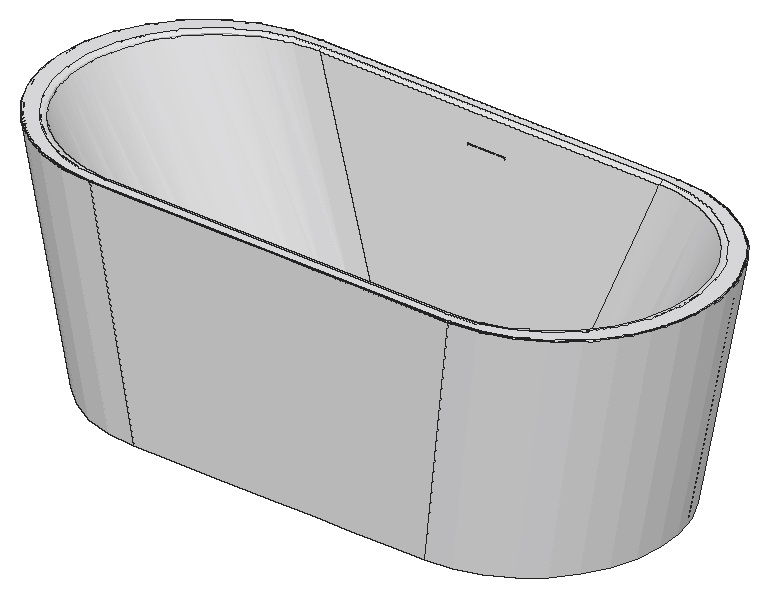
Revit family "Bath-Freestanding-KOHLER-EVOK-K-25165T_1", category Plumbing Fixtures, host Face, Revit 2022
Family settings
  Host = Face
  Round Connector Dimension = Use Diameter
  Part Type = Normal
  OmniClass Number = 23.31.15.00
  OmniClass Title = Bathtubs
  Cut with Voids When Loaded = No
  Maintain Annotation Orientation = No
  Shared = No
  Room Calculation Point = No
Parameters (values of type "White Apron, 0-White")
  Width = 66 57/64"  # constant formula
  WaterSense Certified = 1 = 0  # no
  Waste Water Outlet = "Waste Water Outlet"  # constant formula
  Waste Connection = 1 = 1  # yes
  Vent Connection = 1 = 0  # no
  URL = "http://www.kohler.com.cn/"
  Type = 1
  Secondary Finish = KOHLER-Acrylic-0-White
  Product Page URL = "https://www.kohler.com.cn/product/K-25165T-0/K-25165T-0/"
  Product Name = "EVOK"  # constant formula
  Product Documentation Link = "https://files.kohler.com.cn/pdfs/1586770459656_191025_RI_K-25165T_final.pdf"
  Pressure = 0.00 psi
  Model = if(Type = 1, "K-25165T-0", if(Type = 2, "K-25165T-P5-0", if(Type = 3, "K-25165T-P8-0", "NA")))  # "K-25165T-0"
  Material = "Acrylic"  # constant formula
  Master Format 2014 Name = "Residential Bathtubs"  # constant formula
  Master Format 2014 = "22 41 19"  # constant formula
  Manufacturer Address = "Kohler Beijing Office (100016) 36-2-03-B, No. 88, Liuxiang Road, Beijing"  # constant formula
  Manufacturer = "Kohler Co."  # constant formula
  Length = 29 129/256"  # constant formula
  Hot Water Inlet = "Hot Water Inlet"  # constant formula
  Height = 24 27/128"  # constant formula
  HW Connection = 1 = 0  # no
  Flow Rate = 0 GPM
  Finish = KOHLER-Acrylic-0-White
  Environmental Product Declaration = ""
  Drain Included = 1 = 1  # yes
  Description = if(Type = 1, "Ive 2.0 Oval 1.7m Seamless Freestanding Acrylic Bathtub (with Drain)", if(Type = 2, "Ive 2.0 Oval 1.7m Seamless Freestanding Acrylic Bathtub Black Skirt (with Drain)", if(Type = 3, "Ive 2.0 Oval 1.7m Seamless Freestanding Acrylic Bathtub Peacock Blue Skirt (with Drain)", "NA")))  # "Ive 2.0 Oval 1.7m Seamless Freestanding Acrylic Bathtub (with Drain)"
  Default Elevation = 0"
  Declare Label = ""
  Date Modified = "04/08/2022"  # constant formula
  Date Created = "02/21/2022"  # constant formula
  Copyright = "Copyright Kohler Co."  # constant formula
  Contact Us = "http://www.kohler.com.cn/contact/contact-us/"
  Cold Water Inlet = "Cold Water Inlet"  # constant formula
  CW Connection = 1 = 0  # no
  Assembly Code = "D2010500"
  ADA Compliant = 1 = 0  # no
Types (4): name | Type | Secondary Finish | Product Page URL | Model | Description
  (no name) | 1 | KOHLER-Acrylic-0-White | "https://www.kohler.com.cn/product/K-25165T-0/K-25165T-0/" | "K-25165T-0" | "Ive 2.0 Oval 1.7m Seamless Freestanding Acrylic Bathtub (with Drain)"
  White Apron, 0-White | 1 | KOHLER-Acrylic-0-White | "https://www.kohler.com.cn/product/K-25165T-0/K-25165T-0/" | "K-25165T-0" | "Ive 2.0 Oval 1.7m Seamless Freestanding Acrylic Bathtub (with Drain)"
  Black Apron, 0-White | 2 | KOHLER-Acrylic-P5-Iron_Black | "https://www.kohler.com.cn/product/K-25165T-P5-0/K-25165T-P5-0/" | "K-25165T-P5-0" | "Ive 2.0 Oval 1.7m Seamless Freestanding Acrylic Bathtub Black Skirt (with Drain)"
  Peacock Apron, 0-White | 3 | KOHLER-Acrylic-P8-Peacock | "https://www.kohler.com.cn/product/K-25165T-P8-0/K-25165T-P8-0/" | "K-25165T-P8-0" | "Ive 2.0 Oval 1.7m Seamless Freestanding Acrylic Bathtub Peacock Blue Skirt (with Drain)"
Reference planes (in)
  plane 1 "Center (Front/Back)": y = 0
  plane 2: z = 0
  plane 3 "Center (Left/Right)": x = 0
  plane 4: y = 14.75194
  plane 5: z = 24.21094
  plane 6: z = 0.19519
  plane 7: x = -33.445
  plane 8: x = -28.55
  plane 9: x = -22.19094
  plane 10: y = 11.10827
  plane 11: x = -32.80658
  plane 12: y = 14.21194
  plane 13: y = -14.75197
  plane 14: y = -11.10827
  plane 15: y = -14.212
  plane 16: x = 33.44563
  plane 17: x = 28.55
  plane 18: x = 22.19094
  plane 19: x = 32.80783
  plane 20: z = 3.14567
  plane 21: y = 13.56496
  plane 22: y = -13.56496
Dimensions and locks (in)
  "Width": plane 7 to plane 16
  plane 19 to plane 16 = 0.6378"
  plane 12 to plane 4 = 0.54"
  plane 7 to plane 3 "Center (Left/Right)" = 33.445"
  plane 13 to plane 1 "Center (Front/Back)" = 14.75197"
  "Length": plane 4 to plane 13
  plane 14 to plane 10 = 22.21654"
  plane 15 to plane 12 = 28.42394"
  plane 9 to plane 18 = 44.38189"
  plane 11 to plane 19 = 65.61441"
  "Height": plane 5 to level
  plane 5 to plane 6 = 24.01575"
  plane 8 to plane 17 = 57.1"
  plane 21 to plane 22 = 27.12992"
  aligned and locked: plane 2 to host face
  aligned and locked: level to host face
  aligned and locked: plane 3 "Center (Left/Right)" to nested 1
  aligned and locked: plane 1 "Center (Front/Back)" to nested 1
Automatic sketch dimensions
  host sketch curve to host sketch curve = 96"  (x2)
Nested families (in)
  nested 1: "K-25165T" at (0, 0, 0), type "K-25165T"
Connectors (in)
  piping at (0, 0, 3.14567), diameter 1.19922, driven by "Waste Connection", driven by "Waste Water Outlet"
    settings: on nested 1, index 1, connector inside diameter 24", connector length 0", flow factor 0, pipe flow 0 GPM, pressure drop 0.00 psi, fitting loss kfactor 0, connector angle 0.00°, fixture units 0, engagement length 0", angle of deflection 0.00°, flow configuration 0, flow direction 2, fitting loss method 0, system type 16, joint type 0, gender type 0, connector reference index -1, connector utility 1, adjustable connector no, is connector primary yes, connector description "Waste Water Outlet"
Definition of nested family "K-25165T"
  Parameters (values of type "K-25165T")
    Sec Material = none
    Material = none
    Default Elevation = 0"
  Reference planes (in)
    plane 1 "Center (Front/Back)": y = 0
    plane 2: z = 0
    plane 3 "Center (Left/Right)": x = 0
    plane 4: y = 14.75197
    plane 5: x = -33.445
    plane 6: y = 14.21197
    plane 7: x = -32.8072
    plane 8: x = -22.19094
    plane 9: y = 11.10827
    plane 10: z = 24.2126
    plane 11: z = 0.19685
    plane 12: x = -28.55
    plane 13: x = 32.8072
    plane 14: x = 22.19094
    plane 15: x = 28.55
    plane 16: x = 33.445
    plane 17: y = -14.75197
    plane 18: y = -14.21197
    plane 19: y = -11.10827
    plane 20: y = 13.56496
    plane 21: y = -13.56496
  Forms (in)
    Blend 1, solid, material <- "Material", detail levels medium+fine
      base sketch origin (0.12683, 0, 0) x (1, 0, 0) y (0, 1, 0)
        loop
          line (-15.18101, -13.38901) -> (14.91869, -13.38901)
          arc (14.91869, -13.38901) -> (28.3077, 0) -> (14.91869, 13.38901) r 13.38901
          line (14.91869, 13.38901) -> (-15.18101, 13.38901)
          arc (-15.18101, 13.38901) -> (-28.56137, 0) -> (-15.18101, -13.38901) r 13.38901
      top sketch origin (0.12683, 0, 0) x (1, 0, 0) y (0, 1, 0)
        loop
          arc (-18.63591, 14.76532) -> (-33.40122, 0) -> (-18.63591, -14.76532) r 14.76532
          line (-18.63591, -14.76532) -> (18.38224, -14.76532)
          arc (18.38224, -14.76532) -> (33.14756, 0) -> (18.38224, 14.76532) r 14.76532
          line (18.38224, 14.76532) -> (-18.63591, 14.76532)
      from 0.19685 to 24.03581
    Sweep 2, solid, material <- "Material", detail levels medium+fine
      path origin (0, 0, 0) x (1, 0, 0) y (0, 1, 0)
        loop
          arc (-18.50907, 14.96063) -> (-33.4697, 0) -> (-18.50907, -14.96063) r 14.96063
          line (-18.50907, -14.96063) -> (18.50907, -14.96063)
          arc (18.50907, -14.96063) -> (33.4697, 0) -> (18.50907, 14.96063) r 14.96063
          line (18.50907, 14.96063) -> (-18.50907, 14.96063)
      profile origin (33.4697, 0, 0) x (1, 0, 0) y (0, 0, 1)
        loop
          line (0, 24.03581) -> (0, 24.07191)
          arc (0, 24.07191) -> (-0.01657, 24.11192) -> (-0.05658, 24.12849) r 0.05658
          line (-0.05658, 24.12849) -> (-0.11659, 24.12849) -> (-0.11659, 24.03581) -> (0, 24.03581)
    Blend 3, void
      base sketch origin (0, 0, 0) x (1, 0, 0) y (0, 1, 0)
        loop
          arc (-10.20464, 11.28543) -> (-21.49007, 0) -> (-10.20464, -11.28543) r 11.28543
          line (-10.20464, -11.28543) -> (10.22728, -11.28543)
          arc (10.22728, -11.28543) -> (21.51271, 0) -> (10.22728, 11.28543) r 11.28543
          line (10.22728, 11.28543) -> (-10.20464, 11.28543)
      top sketch origin (0, 0, 0) x (1, 0, 0) y (0, 1, 0)
        loop
          arc (-17.9479, 13.6811) -> (-31.62901, 0) -> (-17.9479, -13.6811) r 13.6811
          line (-17.9479, -13.6811) -> (17.94803, -13.6811)
          arc (17.94803, -13.6811) -> (31.62913, 0) -> (17.94803, 13.6811) r 13.6811
          line (17.94803, 13.6811) -> (-17.9479, 13.6811)
      from 4.8406 to 24.99303
    Extrusion 4, solid, material <- "Material", detail levels medium+fine
      sketch origin (0, 0, 0) x (1, 0, 0) y (0, 1, 0)
        loop
          line (-18.50907, -14.84404) -> (18.50907, -14.84404)
          arc (18.50907, -14.84404) -> (33.35311, 0) -> (18.50907, 14.84404) r 14.84404
          line (18.50907, 14.84404) -> (-18.50907, 14.84404)
          arc (-18.50907, 14.84404) -> (-33.35311, 0) -> (-18.50907, -14.84404) r 14.84404
        loop
          arc (17.5813, -13.56731) -> (31.14861, 0) -> (17.5813, 13.56731) r 13.56731
          line (17.5813, 13.56731) -> (-17.58011, 13.56731)
          arc (-17.58011, 13.56731) -> (-31.14742, 0) -> (-17.58011, -13.56731) r 13.56731
          line (-17.58011, -13.56731) -> (17.5813, -13.56731)
      from 24.03581 to 24.12849
    Revolve 5, solid, detail levels medium+fine
      sketch origin (0, 0, 0) x (1, 0, 0) y (0, 0, 1)
        loop
          arc (0, 5.57928) -> (-0.71313, 5.50228) -> (-1.39339, 5.27484) r 3.34085
          arc (-1.39339, 5.27484) -> (-1.41057, 5.2599) -> (-1.41698, 5.23806) r 0.04047
          line (-1.41698, 5.23806) -> (-1.41698, 4.87338) -> (-0.23587, 4.87338) -> (-0.23587, 4.43099) -> (-0.82118, 4.43099) -> (-0.85178, 4.57498)
          arc (-0.85178, 4.57498) -> (-0.8622, 4.59377) -> (-0.88133, 4.60352) r 0.03673
          line (-0.88133, 4.60352) -> (-1.34773, 4.68575)
          arc (-1.34773, 4.68575) -> (-1.38122, 4.6623) -> (-1.35777, 4.62881) r 0.02891
          line (-1.35777, 4.62881) -> (-0.9943, 4.56473)
          arc (-0.9943, 4.56473) -> (-0.94891, 4.53852) -> (-0.93098, 4.48927) r 0.07662
          line (-0.93098, 4.48927) -> (-0.93098, 4.31643) -> (0, 4.31643) -> (0, 5.57928)
        axis (0, 4.31643) -> (0, 5.57928)
      angle from 0 to 360
    Revolve 6, void
      sketch origin (0, 0, 0) x (1, 0, 0) y (0, 0, 1)
        loop
          line (-1.70584, 4.73897) -> (-1.34095, 4.37408)
          arc (-1.34095, 4.37408) -> (-1.27709, 4.33141) -> (-1.20176, 4.31643) r 0.19685
          line (-1.20176, 4.31643) -> (-0.76137, 4.31643) -> (-0.76137, 3.52165) -> (0, 3.52165) -> (0, 5.30055) -> (-2.40862, 5.30055) -> (-2.40862, 4.8406) -> (-1.95119, 4.8406)
          arc (-1.95119, 4.8406) -> (-1.81841, 4.81419) -> (-1.70584, 4.73897) r 0.34697
        axis (0, 3.52165) -> (0, 5.30055)
      angle from 0 to 360
    Extrusion 7, void
      sketch origin (0, 0, 0) x (1, 0, 0) y (0, 1, 0)
        loop
          arc (-15.0096, 12.38448) -> (-27.39407, 0.00001) -> (-15.0096, -12.38446) r 12.38447
          line (-15.0096, -12.38446) -> (15.0096, -12.38446)
          arc (15.0096, -12.38446) -> (27.39407, 0.00001) -> (15.0096, 12.38448) r 12.38447
          line (15.0096, 12.38448) -> (-15.0096, 12.38448)
      from 0 to 4.53076
    Extrusion 8, void
      sketch origin (0, 0, 0) x (1, 0, 0) y (0, 0, 1)
        loop
          line (1.84972, 21.16313) -> (-1.84972, 21.16313)
          arc (-1.84972, 21.16313) -> (-1.96783, 21.04502) -> (-1.84972, 20.92691) r 0.11811
          line (-1.84972, 20.92691) -> (1.84972, 20.92691)
          arc (1.84972, 20.92691) -> (1.96783, 21.04502) -> (1.84972, 21.16313) r 0.11811
      from -14.11698 to -12.23451
    Revolve 9, solid, material <- "Material", detail levels medium+fine
      sketch origin (0, 0, 0) x (1, 0, 0) y (0, 0, 1)
        loop
          line (-0.93171, 4.31643) -> (-0.93171, 3.17531)
          arc (-0.93171, 3.17531) -> (-0.92303, 3.15435) -> (-0.90207, 3.14567) r 0.02964
          line (-0.90207, 3.14567) -> (-0.81114, 3.14567) -> (-0.81114, 4.31643) -> (-0.93171, 4.31643)
        axis (0, 3.14567) -> (0, 4.31643)
      angle from 0 to 360
    Blend 10, solid, material <- "Material", detail levels coarse
      base sketch origin (0, 0, 0) x (1, 0, 0) y (0, 1, 0)
        loop
          line (-15.05418, -13.38901) -> (15.04552, -13.38901)
          arc (15.04552, -13.38901) -> (28.43454, 0) -> (15.04552, 13.38901) r 13.38901
          line (15.04552, 13.38901) -> (-15.05418, 13.38901)
          arc (-15.05418, 13.38901) -> (-28.43454, 0) -> (-15.05418, -13.38901) r 13.38901
      top sketch origin (0, 0, 0) x (1, 0, 0) y (0, 1, 0)
        loop
          line (-18.50907, -14.76532) -> (18.50907, -14.76532)
          arc (18.50907, -14.76532) -> (33.27439, 0) -> (18.50907, 14.76532) r 14.76532
          line (18.50907, 14.76532) -> (-18.50907, 14.76532)
          arc (-18.50907, 14.76532) -> (-33.27439, 0) -> (-18.50907, -14.76532) r 14.76532
      from 0 to 24.2126
    Blend 11, void
      base sketch origin (0, 0, 0) x (1, 0, 0) y (0, 1, 0)
        loop
          arc (-10.18566, 11.28543) -> (-21.4711, 0) -> (-10.18566, -11.28543) r 11.28543
          line (-10.18566, -11.28543) -> (10.17676, -11.28543)
          arc (10.17676, -11.28543) -> (21.46219, 0) -> (10.17676, 11.28543) r 11.28543
          line (10.17676, 11.28543) -> (-10.18566, 11.28543)
      top sketch origin (0, 0, 0) x (1, 0, 0) y (0, 1, 0)
        loop
          arc (-17.90403, 13.87795) -> (-31.78198, 0) -> (-17.90403, -13.87795) r 13.87795
          line (-17.90403, -13.87795) -> (17.91889, -13.87795)
          arc (17.91889, -13.87795) -> (31.79684, 0) -> (17.91889, 13.87795) r 13.87795
          line (17.91889, 13.87795) -> (-17.90403, 13.87795)
      from 4.8406 to 25.27574
    Extrusion 12, solid, material <- "Material", detail levels medium+fine
      sketch origin (0, 0, 0) x (1, 0, 0) y (0, 1, 0)
        loop
          line (11.00841, 8.85828) -> (-11.00841, 8.85828)
          arc (-11.00841, 8.85828) -> (-19.86668, 0.00001) -> (-11.00841, -8.85826) r 8.85827
          line (-11.00841, -8.85826) -> (11.00841, -8.85826)
          arc (11.00841, -8.85826) -> (19.86668, 0.00001) -> (11.00841, 8.85828) r 8.85827
      from 4.23399 to 4.53076
    Extrusion 13, solid, material <- "Material", detail levels medium+fine
      sketch origin (0, 0, 0) x (1, 0, 0) y (0, 1, 0)
        loop
          line (10.33465, 9.84253) -> (9.35039, 9.84253) -> (9.35039, -9.84251) -> (10.33465, -9.84251) -> (10.33465, 9.84253)
        loop
          line (-9.35039, 9.84253) -> (-10.33465, 9.84253) -> (-10.33465, -9.84251) -> (-9.35039, -9.84251) -> (-9.35039, 9.84253)
      from 2.26549 to 4.23399
    Extrusion 14, solid, material <- "Material", detail levels medium+fine
      sketch origin (0, 0, 0) x (1, 0, 0) y (0, 1, 0)
        loop
          line (10.03573, -9.03542) -> (9.64931, -9.03542) -> (9.4561, -9.37007) -> (9.64931, -9.70472) -> (10.03573, -9.70472) -> (10.22894, -9.37007) -> (10.03573, -9.03542)
        loop
          line (9.64931, 9.70473) -> (9.4561, 9.37009) -> (9.64931, 9.03544) -> (10.03573, 9.03544) -> (10.22894, 9.37009) -> (10.03573, 9.70473) -> (9.64931, 9.70473)
        loop
          line (-9.64931, 9.70473) -> (-10.03573, 9.70473) -> (-10.22894, 9.37009) -> (-10.03573, 9.03544) -> (-9.64931, 9.03544) -> (-9.4561, 9.37009) -> (-9.64931, 9.70473)
        loop
          line (-9.64931, -9.03542) -> (-10.03573, -9.03542) -> (-10.22894, -9.37007) -> (-10.03573, -9.70472) -> (-9.64931, -9.70472) -> (-9.4561, -9.37007) -> (-9.64931, -9.03542)
      from 1.94488 to 2.26549
    Extrusion 15, solid, material <- "Material", detail levels medium+fine
      sketch origin (0, 0, 0) x (1, 0, 0) y (0, 1, 0)
        loop
          line (10.22894, -9.37007) -> (10.03573, -9.03542) -> (9.64931, -9.03542) -> (9.4561, -9.37007) -> (9.64931, -9.70472) -> (10.03573, -9.70472) -> (10.22894, -9.37007)
        loop
          line (10.22894, 9.37007) -> (10.03573, 9.70472) -> (9.64931, 9.70472) -> (9.4561, 9.37007) -> (9.64931, 9.03542) -> (10.03573, 9.03542) -> (10.22894, 9.37007)
        loop
          line (-10.22894, 9.37007) -> (-10.03573, 9.03542) -> (-9.64931, 9.03542) -> (-9.4561, 9.37007) -> (-9.64931, 9.70472) -> (-10.03573, 9.70472) -> (-10.22894, 9.37007)
        loop
          line (-10.22894, -9.37007) -> (-10.03573, -9.70472) -> (-9.64931, -9.70472) -> (-9.4561, -9.37007) -> (-9.64931, -9.03542) -> (-10.03573, -9.03542) -> (-10.22894, -9.37007)
      from 0.95276 to 1.25984
    Revolve 16, solid, material <- "Material", detail levels medium+fine
      sketch origin (-19.68504, 9.37007, 0) x (1, 0, 0) y (0, 0, 1)
        loop
          line (9.84252, 0) -> (10.82677, 0) -> (10.82677, 0.46292) -> (10.35663, 0.93307) -> (10.03884, 0.93307) -> (10.03884, 2.5376) -> (9.84252, 2.5376) -> (9.84252, 0)
        axis (9.84252, 2.5376) -> (9.84252, 0)
      angle from 0 to 360
    Revolve 17, solid, material <- "Material", detail levels medium+fine
      sketch origin (19.68504, 9.37007, 0) x (-1, 0, 0) y (0, 0, -1)
        loop
          line (9.84252, 0) -> (9.84252, -2.5376) -> (10.03884, -2.5376) -> (10.03884, -0.93307) -> (10.35663, -0.93307) -> (10.82677, -0.46292) -> (10.82677, 0) -> (9.84252, 0)
        axis (9.84252, -2.5376) -> (9.84252, 0)
      angle from 0 to 360
    Revolve 18, solid, material <- "Material", detail levels medium+fine
      sketch origin (19.68504, -9.37007, 0) x (-1, 0, 0) y (0, 0, 1)
        loop
          line (9.84252, 0) -> (10.82677, 0) -> (10.82677, 0.46292) -> (10.35663, 0.93307) -> (10.03884, 0.93307) -> (10.03884, 2.5376) -> (9.84252, 2.5376) -> (9.84252, 0)
        axis (9.84252, 2.5376) -> (9.84252, 0)
      angle from 0 to 360
    Revolve 19, solid, material <- "Material", detail levels medium+fine
      sketch origin (-19.68504, -9.37007, 0) x (1, 0, 0) y (0, 0, -1)
        loop
          line (9.84252, 0) -> (9.84252, -2.5376) -> (10.03884, -2.5376) -> (10.03884, -0.93307) -> (10.35663, -0.93307) -> (10.82677, -0.46292) -> (10.82677, 0) -> (9.84252, 0)
        axis (9.84252, -2.5376) -> (9.84252, 0)
      angle from 0 to 360
    Sweep 20, void
      path origin (0, 0, 0) x (1, 0, 0) y (0, 1, 0)
        loop
          line (-17.61572, -13.57833) -> (17.6168, -13.57833)
          arc (17.6168, -13.57833) -> (31.19513, 0) -> (17.6168, 13.57833) r 13.57833
          line (17.6168, 13.57833) -> (-17.61572, 13.57833)
          arc (-17.61572, 13.57833) -> (-31.19405, 0) -> (-17.61572, -13.57833) r 13.57833
      profile origin (-31.19405, 0, 0) x (-1, 0, 0) y (0, 0, 1)
        loop
          line (0.51861, 24.12849) -> (-0.03125, 24.12849) -> (-0.26443, 23.66526)
          arc (-0.26443, 23.66526) -> (0.06371, 24.00401) -> (0.51861, 24.12849) r 0.89344
    Blend 21, solid, material <- "Sec Material", detail levels medium+fine
      base sketch origin (0.12683, 0, 0) x (1, 0, 0) y (0, 1, 0)
        loop
          line (-15.18107, -13.58432) -> (14.91869, -13.58433)
          arc (14.91869, -13.58433) -> (28.50302, 0) -> (14.91869, 13.58433) r 13.58433
          line (14.91869, 13.58433) -> (-15.18107, 13.58432)
          arc (-15.18107, 13.58432) -> (-28.75668, 0) -> (-15.18107, -13.58432) r 13.58433
      top sketch origin (0.12683, 0, 0) x (1, 0, 0) y (0, 1, 0)
        loop
          arc (-18.63591, 14.96063) -> (-33.59654, 0) -> (-18.63591, -14.96063) r 14.96063
          line (-18.63591, -14.96063) -> (18.38224, -14.96063)
          arc (18.38224, -14.96063) -> (33.34287, 0) -> (18.38224, 14.96063) r 14.96063
          line (18.38224, 14.96063) -> (-18.63591, 14.96063)
      from 0.19685 to 24.03581
    Blend 22, void
      base sketch origin (0.12683, 0, 0) x (1, 0, 0) y (0, 1, 0)
        loop
          line (-15.18101, -13.38901) -> (14.91869, -13.38901)
          arc (14.91869, -13.38901) -> (28.3077, 0) -> (14.91869, 13.38901) r 13.38901
          line (14.91869, 13.38901) -> (-15.18101, 13.38901)
          arc (-15.18101, 13.38901) -> (-28.56137, 0) -> (-15.18101, -13.38901) r 13.38901
      top sketch origin (0.12683, 0, 0) x (1, 0, 0) y (0, 1, 0)
        loop
          arc (-18.63591, 14.76532) -> (-33.40122, 0) -> (-18.63591, -14.76532) r 14.76532
          line (-18.63591, -14.76532) -> (18.38224, -14.76532)
          arc (18.38224, -14.76532) -> (33.14756, 0) -> (18.38224, 14.76532) r 14.76532
          line (18.38224, 14.76532) -> (-18.63591, 14.76532)
      from 0.19685 to 24.03581
    Blend 23, solid, material <- "Sec Material", detail levels coarse
      base sketch origin (0, 0, 0) x (1, 0, 0) y (0, 1, 0)
        loop
          line (-15.05424, -13.58432) -> (15.04552, -13.58433)
          arc (15.04552, -13.58433) -> (28.62985, 0) -> (15.04552, 13.58433) r 13.58433
          line (15.04552, 13.58433) -> (-15.05424, 13.58432)
          arc (-15.05424, 13.58432) -> (-28.62985, 0) -> (-15.05424, -13.58432) r 13.58433
      top sketch origin (0, 0, 0) x (1, 0, 0) y (0, 1, 0)
        loop
          line (-18.50907, -14.96063) -> (18.50907, -14.96063)
          arc (18.50907, -14.96063) -> (33.4697, 0) -> (18.50907, 14.96063) r 14.96063
          line (18.50907, 14.96063) -> (-18.50907, 14.96063)
          arc (-18.50907, 14.96063) -> (-33.4697, 0) -> (-18.50907, -14.96063) r 14.96063
      from 0 to 24.2126
    Blend 24, void
      base sketch origin (0, 0, 0) x (1, 0, 0) y (0, 1, 0)
        loop
          line (-15.05418, -13.38901) -> (15.04552, -13.38901)
          arc (15.04552, -13.38901) -> (28.43454, 0) -> (15.04552, 13.38901) r 13.38901
          line (15.04552, 13.38901) -> (-15.05418, 13.38901)
          arc (-15.05418, 13.38901) -> (-28.43454, 0) -> (-15.05418, -13.38901) r 13.38901
      top sketch origin (0, 0, 0) x (1, 0, 0) y (0, 1, 0)
        loop
          line (-18.50907, -14.76532) -> (18.50907, -14.76532)
          arc (18.50907, -14.76532) -> (33.27439, 0) -> (18.50907, 14.76532) r 14.76532
          line (18.50907, 14.76532) -> (-18.50907, 14.76532)
          arc (-18.50907, 14.76532) -> (-33.27439, 0) -> (-18.50907, -14.76532) r 14.76532
      from 0 to 24.2126
  Cuts and joins
    Blend 3, Revolve 6, Extrusion 7, Extrusion 8, Sweep 20 cuts Blend 1
    Blend 3, Revolve 6, Sweep 20 cuts Sweep 2
    Blend 3, Revolve 6, Sweep 20 cuts Extrusion 4
    Sweep 20 cuts Revolve 9
    Revolve 6, Sweep 20 cuts Extrusion 12
    Sweep 20 cuts Extrusion 13
    Sweep 20 cuts Extrusion 14
    Sweep 20 cuts Extrusion 15
    Sweep 20 cuts Revolve 16
    Sweep 20 cuts Revolve 17
    Sweep 20 cuts Revolve 18
    Sweep 20 cuts Revolve 19
    joined: Blend 1, Sweep 2, Extrusion 4, Revolve 9, Extrusion 12, Extrusion 13, Extrusion 14, Extrusion 15, Revolve 16, Revolve 17, Revolve 18, Revolve 19
    Blend 11 cuts Blend 10
    Blend 22 cuts Blend 21
    Blend 24 cuts Blend 23
  Lines and regions (in)
    Masking region 1
      outline origin (0, 0, 0) x (1, 0, 0) y (0, 1, 0)
        loop
          arc (-18.69273, 14.75197) -> (-33.4447, 0) -> (-18.69273, -14.75197) r 14.75197
          line (-18.69273, -14.75197) -> (18.69273, -14.75197)
          arc (18.69273, -14.75197) -> (33.4447, 0) -> (18.69273, 14.75197) r 14.75197
          line (18.69273, 14.75197) -> (-18.69273, 14.75197)
    Masking region 2
      outline origin (0, 0, 0) x (1, 0, 0) y (0, 0, 1)
        loop
          arc (-33.24067, 24.2126) -> (-33.39905, 24.13739) -> (-33.44085, 23.96712) r 0.20435
          line (-33.44085, 23.96712) -> (-28.62467, 0.52251)
          arc (-28.62467, 0.52251) -> (-28.48296, 0.28859) -> (-28.22531, 0.19685) r 0.4077
          line (-28.22531, 0.19685) -> (-10.82677, 0.19685) -> (-10.82677, 0) -> (-8.85827, 0) -> (-8.85827, 0.19685) -> (8.85827, 0.19685) -> (8.85827, 0) -> (10.82677, 0) -> (10.82677, 0.19685) -> (28.22531, 0.19685)
          arc (28.22531, 0.19685) -> (28.48296, 0.28859) -> (28.62467, 0.52251) r 0.4077
          line (28.62467, 0.52251) -> (33.44085, 23.96712)
          arc (33.44085, 23.96712) -> (33.39905, 24.13739) -> (33.24067, 24.2126) r 0.20435
          line (33.24067, 24.2126) -> (-33.24067, 24.2126)
    Masking region 3
      outline origin (0, 0, 0) x (0, 1, 0) y (0, 0, 1)
        loop
          line (14.57784, 24.2126) -> (-14.57784, 24.2126)
          arc (-14.57784, 24.2126) -> (-14.70417, 24.15841) -> (-14.75196, 24.02952) r 0.17434
          line (-14.75196, 24.02952) -> (-13.57512, 0.57083)
          arc (-13.57512, 0.57083) -> (-13.45323, 0.30527) -> (-13.18191, 0.19685) r 0.3937
          line (-13.18191, 0.19685) -> (-10.35434, 0.19685) -> (-10.35434, 0) -> (-9.65257, 0) -> (-8.38584, 0) -> (-8.38584, 0.19685) -> (8.38584, 0.19685) -> (8.38584, 0) -> (9.65257, 0) -> (10.35434, 0) -> (10.35434, 0.19685) -> (13.18191, 0.19685)
          arc (13.18191, 0.19685) -> (13.45323, 0.30527) -> (13.57512, 0.57083) r 0.3937
          line (13.57512, 0.57083) -> (14.75196, 24.02952)
          arc (14.75196, 24.02952) -> (14.70417, 24.15841) -> (14.57784, 24.2126) r 0.17434
    symbolic lines
      curve 1: line (-11.08357, 11.10827, 0) -> (11.08357, 11.10827, 0)
      curve 2: line (-11.08357, -11.10827, 0) -> (11.08357, -11.10827, 0)
      curve 3: arc (-18.59519, 14.21197, 0) -> (-32.80716, 0, 0) -> (-18.59519, -14.21197, 0) r 14.21197
      curve 4: line (-18.59519, 14.21197, 0) -> (18.59519, 14.21197, 0)
      curve 5: arc (18.59519, 14.21197, 0) -> (32.80716, 0, 0) -> (18.59519, -14.21197, 0) r 14.21197
      curve 6: line (-18.59519, -14.21197, 0) -> (18.59519, -14.21197, 0)
      curve 7: arc (-11.08357, 11.10827, 0) -> (-22.19184, 0, 0) -> (-11.08357, -11.10827, 0) r 11.10827
      curve 8: arc (11.08357, 11.10827, 0) -> (22.19184, 0, 0) -> (11.08357, -11.10827, 0) r 11.10827
      curve 16: circle (0, 0, 0) r 1.87056 normal (0, 0, 1)
    symbolic lines, detail levels medium+fine
      curve 9: arc (-11.08357, 9.09252, 0) -> (-20.17609, 0, 0) -> (-11.08357, -9.09252, 0) r 9.09252
      curve 10: line (-11.08357, 9.09252, 0) -> (11.08357, 9.09252, 0)
      curve 11: arc (11.08357, 9.09252, 0) -> (20.17609, 0, 0) -> (11.08357, -9.09252, 0) r 9.09252
      curve 12: line (-11.08357, -9.09252, 0) -> (11.08357, -9.09252, 0)
      curve 13: line (-1.97459, 13.1947, 0) -> (1.97459, 13.1947, 0)
      curve 14: line (-1.97459, 13.13346, 0) -> (1.97459, 13.13346, 0)
      curve 15: arc (-1.97459, 13.13346, 0) -> (-2.00521, 13.16408, 0) -> (-1.97459, 13.1947, 0) r 0.03062
      curve 17: circle (0, 0, 0) r 1.66114 normal (0, 0, 1)
      curve 18: circle (0, 0, 0) r 1.41558 normal (0, 0, 1)
      curve 19: arc (1.97459, 13.13346, 0) -> (2.00521, 13.16408, 0) -> (1.97459, 13.1947, 0) r 0.03062
      curve 20: line (-10.82677, 0, 0.19685) -> (-8.85827, 0, 0.19685)
      curve 21: line (8.85827, 0, 0.19685) -> (10.82677, 0, 0.19685)
      curve 22: line (0, 10.35434, 0.19685) -> (0, 8.38584, 0.19685)
      curve 23: line (0, -8.38584, 0.19685) -> (0, -10.35434, 0.19685)
  Dimensions and locks (in)
    plane 10 to plane 11 = 24.01575"
    plane 5 to plane 3 "Center (Left/Right)" = 33.445"
    plane 5 to plane 7 = 0.6378"
    plane 8 to plane 3 "Center (Left/Right)" = 22.19094"
    plane 12 to plane 3 "Center (Left/Right)" = 28.55"
    plane 1 "Center (Front/Back)" to plane 4 = 14.75197"
    plane 4 to plane 6 = 0.54"
    plane 1 "Center (Front/Back)" to plane 9 = 11.10827"
    aligned and locked: plane 2 to level
